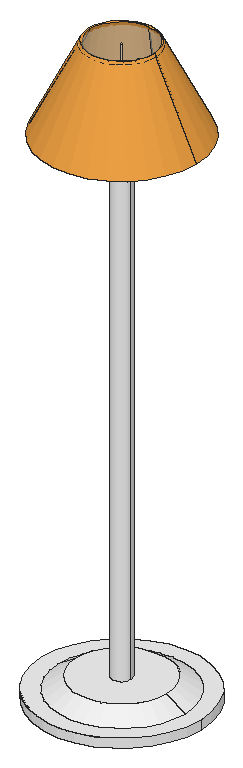
Revit family
Parameters (values of type "200 Watts")
  Wattage Comments = "200"
  Wattage = 200 W
  built-in parameter 1150110 = 1 (stored number, unit not read)
  built-in parameter 1114217 = 1 (stored number, unit not read)
  built-in parameter 1150109 = 1 (stored number, unit not read)
  built-in parameter 1150134 = 4
  built-in parameter 1150113 = 1 (stored number, unit not read)
  built-in parameter 1150105 = 190.99 (stored number, unit not read)
  Lumens = 2400 lm
  Material of Lamp Shade = Lamp Shade Material
  Material of Lamp Cover = Lamp Cover
  built-in parameter 1150115 = 1 (stored number, unit not read)
  Light Source Symbol Size = 609.6 mm
  built-in parameter 1150137 = (empty or 0)
  built-in parameter 1150139 = (empty or 0)
  built-in parameter 1150112 = 1 (stored number, unit not read)
  built-in parameter 1150114 = 1 (stored number, unit not read)
  Lamp = "TL-1"
  built-in parameter 1150132 = (empty or 0)
  built-in parameter 1150102 = (empty or 0)
  built-in parameter 1150107 = 2800 (stored number, unit not read)
  built-in parameter 1150138 = (empty or 0)
  built-in parameter 1150106 = 1.9099 (stored number, unit not read)
  Height = 1100 mm
  Material of Lamp Base = Lamp Base Material
  built-in parameter 1150104 = 1.1148 (stored number, unit not read)
  Dimming Lamp Color Temperature Shift = (empty or 0)
  Color Filter = 16777215
  built-in parameter 1114218 = 1 (stored number, unit not read)
  built-in parameter 1150133 = 10 (stored number, unit not read)
Types (3, lengths in mm): name | Wattage Comments | Wattage | built-in parameter 1150105 | Lumens | built-in parameter 1150106
  (no name) | "200" | 200 W | 190.99 (stored number, unit not read) | 2400 lm | 1.9099 (stored number, unit not read)
  200 Watts | "200" | 200 W | 190.99 (stored number, unit not read) | 2400 lm | 1.9099 (stored number, unit not read)
  400 Watts | "400" | 400 W | 381.97 (stored number, unit not read) | 4800 lm | 3.8197 (stored number, unit not read)
Reference planes
  plane 1 "Light Source Axis (F/B)": y = 0
  plane 2: z = 0
  plane 3 "Light Source Axis (L/R)": x = 0
  plane 4 "Light Source Elevation": z = 1220
  plane 5: z = 1100
  plane 6: x = -175
  plane 7: x = 175
  plane 8: y = 175
  plane 9: y = -175
Forms (mm)
  Extrusion 1, solid, material "Lamp Base Material" <- "Material of Lamp Base"
    sketch origin (0, 0, 0) x (1, 0, 0) y (0, 1, 0)
      loop
        circle (0, 0) r 175
    from 0 to 20
  Blend 2, solid, material "Lamp Base Material" <- "Material of Lamp Base"
    base sketch origin (0, 0, 0) x (1, 0, 0) y (0, 1, 0)
      loop
        circle (0, 0) r 140
    top sketch origin (0, 0, 0) x (1, 0, 0) y (0, 1, 0)
      loop
        circle (0, 0) r 100
    from 20 to 45
  Extrusion 3, solid, material "Lamp Base Material" <- "Material of Lamp Base"
    sketch origin (0, 0, 0) x (1, 0, 0) y (0, 1, 0)
      loop
        circle (0, 0) r 20
    from 45 to 1100
  Blend 4, solid, material "Lamp Shade Material" <- "Material of Lamp Shade"
    base sketch origin (0, 0, 1100) x (0, -1, 0) y (1, 0, 0)
      loop
        line (-99.996, 0.909) -> (-97.996, 0.891)
        arc (-97.996, 0.891) -> (97.999, -0.446) -> (-98, 0) r 98
        line (-98, 0) -> (-100, 0)
        arc (-100, 0) -> (99.999, -0.455) -> (-99.996, 0.909) r 100
    top sketch origin (0, 0, 1100) x (0, -1, 0) y (1, 0, 0)
      loop
        line (-72.995, 0.889) -> (-74.995, 0.889)
        arc (-74.995, 0.889) -> (74.999, -0.444) -> (-75, 0) r 75
        line (-75, 0) -> (-73, 0)
        arc (-73, 0) -> (72.999, -0.444) -> (-72.995, 0.889) r 73
    from 30 to 190
  Extrusion 5, solid, material "Lamp Shade Material" <- "Material of Lamp Shade"
    sketch origin (0, 0, 1100) x (0, -1, 0) y (-1, 0, 0)
      loop
        circle (0, 0) r 1.997
    from 0 to -190
  Revolve 6, solid, material "Lamp Cover" <- "Material of Lamp Cover"
    sketch origin (0, 0, 0) x (1, 0, 0) y (0, 0, 1)
      loop
        line (71.983, 1295.921) -> (69.31, 1294.559) -> (163.125, 1110.437) -> (165.798, 1111.799) -> (71.983, 1295.921)
      axis (0, 1110.437) -> (0, 1295.921)
    angle from 0 to 360
Dimensions and locks
  "Height": plane 5 to plane 2
  locked: plane 4 "Light Source Elevation" to plane 5 at 120
  plane 6 to plane 7 = 350 mm
  plane 9 to plane 8 = 350 mm
  aligned and locked: Blend 2 to Extrusion 1
  aligned and locked: Extrusion 1 to plane 2
  aligned and locked: Extrusion 3 to Blend 2
  aligned and locked: plane 5 to Extrusion 3
  aligned and locked: Extrusion 5 to Extrusion 3
  aligned and locked: Blend 4 to Extrusion 5
  aligned and locked: plane 6 to Extrusion 1
  aligned and locked: plane 7 to Extrusion 1
  aligned and locked: plane 3 "Light Source Axis (L/R)" to imposter light
  aligned and locked: plane 1 "Light Source Axis (F/B)" to imposter light
  aligned and locked: plane 4 "Light Source Elevation" to imposter light
Automatic sketch dimensions
  Extrusion 1 sketch curve to plane 1 "Light Source Axis (F/B)" = 0 mm
  Extrusion 1 sketch curve to plane 3 "Light Source Axis (L/R)" = 0 mm
  Blend 2 sketch curve to plane 1 "Light Source Axis (F/B)" = 0 mm  (x2)
  Blend 2 sketch curve to plane 3 "Light Source Axis (L/R)" = 0 mm  (x2)
  Extrusion 3 sketch curve to plane 1 "Light Source Axis (F/B)" = 0 mm
  Extrusion 3 sketch curve to plane 3 "Light Source Axis (L/R)" = 0 mm
  Blend 4 sketch curve to plane 1 "Light Source Axis (F/B)" = 0 mm  (x4)
  plane 3 "Light Source Axis (L/R)" to Blend 4 sketch curve = 0.891 mm
  Blend 4 sketch curve to Blend 4 sketch curve = 0.004 mm  (x2)
  plane 3 "Light Source Axis (L/R)" to Blend 4 sketch curve = 0.909 mm
  Blend 4 sketch curve to plane 3 "Light Source Axis (L/R)" = 0 mm  (x3)
  plane 3 "Light Source Axis (L/R)" to Blend 4 sketch curve = 0.889 mm
  Blend 4 sketch curve to Blend 4 sketch curve = 0.005 mm  (x2)
  Extrusion 5 sketch curve to plane 1 "Light Source Axis (F/B)" = 0 mm
  Extrusion 5 sketch curve to plane 3 "Light Source Axis (L/R)" = 0 mm
  Revolve 6 sketch curve to plane 3 "Light Source Axis (L/R)" = 0 mm
  plane 3 "Light Source Axis (L/R)" to Revolve 6 sketch curve = 69.31 mm
  Revolve 6 sketch curve to Revolve 6 sketch curve = 2.673 mm
  Revolve 6 sketch curve to plane 7 = 11.875 mm
  plane 5 to Revolve 6 sketch curve = 120 mm
  Revolve 6 sketch curve to plane 5 = 10.437 mm
  Revolve 6 sketch curve to Revolve 6 sketch curve = 1.362 mm
  Revolve 6 sketch curve to Revolve 6 sketch curve = 75.441 mm
  radius of Extrusion 1 sketch curve = 175 mm
  radius of Blend 2 sketch curve = 140 mm
  radius of Blend 2 sketch curve = 100 mm
  radius of Extrusion 3 sketch curve = 20 mm
  radius of Extrusion 5 sketch curve = 1.997 mm
